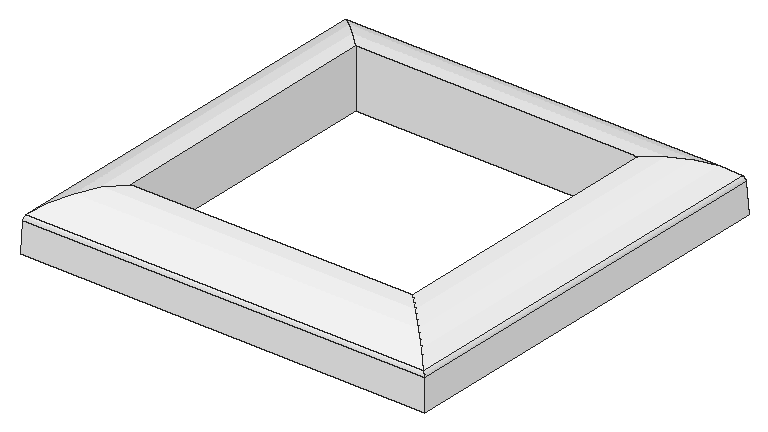
Revit family "Gira_021103", category Electrical Fixtures, host Face, Revit 2017
Family settings
  Host = Face
  Maintain Annotation Orientation = No
  Round Connector Dimension = Use Diameter
  Part Type = Normal
  Cut with Voids When Loaded = No
  Shared = No
  Room Calculation Point = No
Parameters (values of type "Abdeckrahmen 1f Standard 55 Reinweiß")
  Werkstoffgüte = "Thermoplast"
  Werkstoff = "Kunststoff"
  URL = "http://katalog.gira.de/de_DE/datenblatt.html?artikelnr=021103"
  Transparent = "No"
  Textfeld/Beschriftungsfläche = "No"
  Schutzart (IP) = "IP20"
  Region = "DE"
  RAL-Nummer (ähnlich) = "9010 "
  Oberfläche = "sonstige"
  Name = "Abdeckrahmen 1f Standard 55 Reinweiß"
  Montagerichtung = "horizontal und vertikal"
  Mit Montagerahmen = "No"
  Mit Klappdeckel = "No"
  Manufacturer URL = "https://www.gira.de/"
  Keynote = "Std55_Rahmen_1fach"
  HeinzeBIM = "https://bimportal.heinze.de/bim/abdeckrahmen-1f-standard-55-reinweiss/90cbbab7a4a28797fff3212c20502070f8b5981e"
  Halogenfrei = "Yes"
  HAN = "021103"
  Geeignet für Unterputz-Installation = "Yes"
  Geeignet für Unterflurkanaldose = "No"
  Geeignet für Geräteeinbaukanal = "No"
  Geeignet für Einbauinstallation = "No"
  GTIN = "4010337211037"
  Farbe = "weiß"
  Default Elevation = 1219.2 mm
  Data sheet (1) = "https://katalog.gira.de/de_DE/download.html?artikelnr=021103"
  Category = "Abdeckrahmen"
  Befestigungsart = "Klemmbefestigung"
  Available = "Yes"
  Ausführung der Oberfläche = "glänzend"
  Anzahl der Einheiten vertikal = "1 "
  Anzahl der Einheiten horizontal = "1 "
  Anzahl der Einheiten = "1 "
Reference planes
  plane 1 "Center (Front/Back)": y = 0
  plane 2: z = 0
  plane 3 "Center (Left/Right)": x = 0
  plane 4: y = -40.3
  plane 5: y = 40.3
  plane 6: x = 40.3
  plane 7: x = -40.3
Forms (mm)
  Sweep 1, solid, material "White", detail levels fine
    path origin (0, 0, 0) x (1, 0, 0) y (0, 1, 0)
      loop
        line (40.3, 40.3) -> (-40.3, 40.3) -> (-40.3, -40.3) -> (40.3, -40.3) -> (40.3, 40.3)
    profile origin (0, 40.3, 0) x (0, -1, 0) y (0, 0, 1)
      loop
        arc (12.22, 11.373) -> (5.983, 10.294) -> (0.641, 6.901) r 16.145
        arc (0.641, 6.901) -> (0.395, 6.426) -> (0.309, 5.898) r 1.694
        line (0.309, 5.898) -> (0, 0) -> (12.319, 0) -> (12.22, 11.373)
  Extrusion 2, solid, material "White", detail levels coarse+medium
    sketch origin (0, 0, 0) x (1, 0, 0) y (0, 1, 0)
      loop
        line (40.3, 40.3) -> (-40.3, 40.3) -> (-40.3, -40.3) -> (40.3, -40.3) -> (40.3, 40.3)
    from 0 to 11.373
Dimensions and locks
  aligned and locked: plane 2 to host face
  aligned and locked: level to host face
